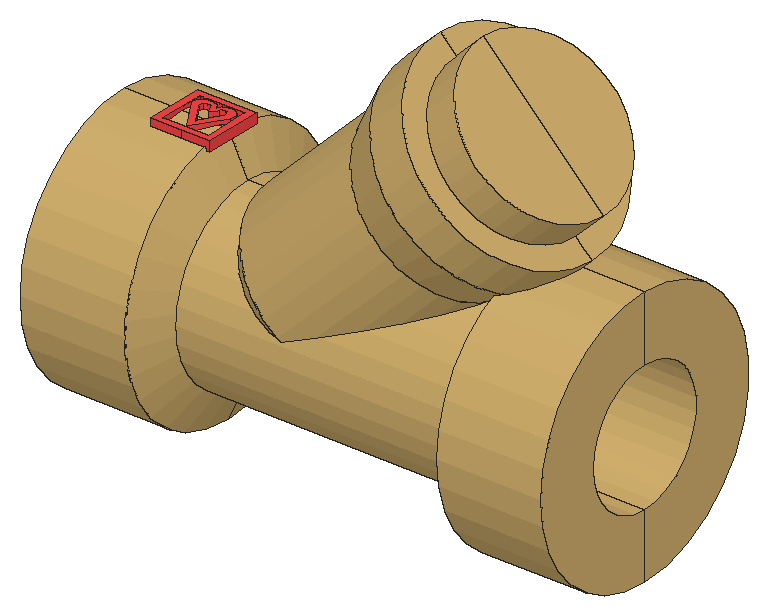
Revit family "Schmutzfänger 2662", category Rohrzubehör, Revit 2019
Family settings
  Bemaßung runder Anschluss = Durchmesser verwenden
  Teiletyp = Unterbricht
  OmniClass-Nummer = 23.65.55.14
  OmniClass-Titel = Valves for Liquid Services
  Arbeitsebenenbasiert = Nein
  Immer vertikal = Ja
  Beim Laden mit Abzugskörper schneiden = Nein
  Gemeinsam genutzt = Nein
Parameters
  min.Betriebstemperatur (Wasser) = 0.5 °C  # constant formula
  min.Betriebstemperatur = -30 °C  # constant formula
  max.Betriebstemperatur (Wasser) = 95 °C  # constant formula
  max.Betriebstemperatur = 130 °C  # constant formula
  max.Betriebsdruck = 2500000.0 Pa  # constant formula
  W01 = 45.00°  # constant formula
  URL = "www.herz-armaturen.at"
  Siebkappe = "geschmiedetes Messing gem. EN 12420, CW617N"  # constant formula
  Sieb = "Streckmetall, Rautenmasche, Edelstahl 1.4301, Maschenweite 0,5mm"  # constant formula
  SW01 [instance] = size_lookup("2662_", "SW1", 12.000 mm, Nennweite)  # 13.000 mm
  SCTWSEQ = "AW;SBT_TYP_AW=\"112\";2"
  SCTWCODE = "04;16;02"  # constant formula
  SCRNSEQ = "AWI;AWI_TYP=\"1011\";2"
  SCRNCODE = "05;15;02"  # constant formula
  S01 [instance] = R01 * 2  # 40.000 mm
  R07 [instance] = size_lookup("2662_", "R7", 13.000 mm, Nennweite)  # 16.500 mm
  R06 [instance] = size_lookup("2662_", "R6", 11.500 mm, Nennweite)  # 14.000 mm
  R05 [instance] = Nennweite / 2  # 10.000 mm
  R03 [instance] = size_lookup("2662_", "R3", 11.500 mm, Nennweite)  # 14.000 mm
  R02 [instance] = Nennweite / 2  # 10.000 mm
  R01 [instance] = (Nennweite / 2) + 10.000 mm  # 20.000 mm
  Nennweite [instance] = 20.000 mm
  Medium = "Heizungswasserqualität nach ÖNORM H 5195 oder VDI-Richtline 2035. Die Verwendung von Ethylen- oder\r\nPropylenglykol in einem Mischungsverhältnis 25 - 50% ist zulässig. Bitte beachten Sie die Hersteller- Dokumentation,\r\nwenn Glykol-Produkte für Frost- und Korrosionsschutz zum Einsatz kommen. EPDM-Dichtungen können durch\r\nMineralöle und Schmiermittel beschädigt werden und somit kann es zum Versagen der EPDM-Dichtungen führen.\r\nHERZ Kugelhähne sind nicht für den Einsatz von agressiven Medien (wie Säuren, Laugen, brennbaren und explosiven\r\nGase) geeignet, da die Dichtelemente beschädigt werden können."
  L16 [instance] = L03 / 2  # 7.750 mm
  L15 [instance] = R01 - 1.000 mm  # 19.000 mm
  L14 [instance] = L06 - L08  # 8.000 mm
  L11 [instance] = size_lookup("2662_", "L11", 4.500 mm, Nennweite)  # 6.000 mm
  L09 [instance] = size_lookup("2662_", "L9", 9.000 mm, Nennweite)  # 7.000 mm
  L08 [instance] = size_lookup("2662_", "L8", 23.500 mm, Nennweite)  # 32.000 mm
  L07 [instance] = size_lookup("2662_", "L7", 11.000 mm, Nennweite)  # 13.000 mm
  L06 [instance] = size_lookup("2662_", "L6", 36.500 mm, Nennweite) - L09  # 40.000 mm
  L03 [instance] = size_lookup("2662_", "L3", 15.000 mm, Nennweite)  # 15.500 mm
  L02 [instance] = size_lookup("2662_", "L2", 14.000 mm, Nennweite)  # 21.000 mm
  L01 [instance] = size_lookup("2662_", "L1", 17.000 mm, Nennweite)  # 16.000 mm
  L00 [instance] = size_lookup("2662_", "L", 68.000 mm, Nennweite)  # 80.000 mm
  Innengewinde = "gem. ISO 228-1"  # constant formula
  Hersteller = "Herz-Armaturen GmbH"  # constant formula
  Gehäuse (DN50) = "Messingguss gem. EN 1982; CC770S"  # constant formula
  Gehäuse (DN15-DN40) = "geschmiedetes Messing gem. EN 12420, CW617N"  # constant formula
  Dichtungen = "EPDM"  # constant formula
  Bestellnummer [instance] = size_lookup("2662_", "Artnr", 0, Nennweite)  # 1266202
  Anwendungsgebiet = "Die Schmutzfänger werden in Rohrleitungen eingebaut, um schädliche Fremdkörper von den feinst bearbeiteten\r\nVentilsitzen fernzuhalten. Anwendungsgebiete sind haustechnische Anlagen, wie z.B. Heizungs- oder\r\nKaltwasseranlagen für die Klimatisierung von Gebäuden. Aromatische Chlorkohlenwasserstoffe, welche in Erdgas,\r\nErdölen und Schmiermitteln vorkommen, zerstören die EPDM- Dichtungen."
Reference planes
  plane 1 "Mitte (Vorne/hinten)": y = 0
  plane 2: z = 0
  plane 3 "Mitte (Links/rechts)": x = 0
Forms (mm)
  Revolve 1, solid, material "Messing", detail levels fine
    sketch origin (470, 0, 0) x (1, 0, 0) y (0, 0, 1)
      loop
        line (-510, 10) -> (-494.5, 10) -> (-494.5, 0) -> (-445.5, 0) -> (-445.5, 10) -> (-430, 10) -> (-430, 20) -> (-446, 20) -> (-449, 14) -> (-491, 14) -> (-494, 20) -> (-510, 20) -> (-510, 10)
      axis (-510, 0) -> (-430, 0)
    angle from 0 to 360
  Revolve 2, solid, material "Messing", detail levels fine
    sketch origin (0.32, 0, -0.105) x (1, 0, 0) y (0, 0, 1)
      loop
        line (-13.32, 0) -> (24.157, 37.477) -> (14.964, 46.669) -> (10.722, 42.426) -> (8.247, 44.901) -> (3.297, 39.952) -> (-0.592, 32.527) -> (-17.563, 15.556) -> (-20.391, 7.071) -> (-13.32, 0)
      axis (-13.32, 0) -> (24.157, 37.477)
    angle from 0 to 360
Lines and regions (mm)
  model lines, detail levels coarse+medium
    curve 1: line (-40, 0, 20) -> (40, 0, 20)
    curve 2: line (-40, 0, -20) -> (-40, 0, 20)
    curve 3: line (40, 0, -20) -> (-40, 0, -20)
    curve 4: line (40, 0, 20) -> (40, 0, -20)
    curve 6: line (-40, 20, 0) -> (40, 20, 0)
    curve 7: line (-40, -20, 0) -> (-40, 20, 0)
    curve 8: line (40, -20, 0) -> (-40, -20, 0)
    curve 9: line (40, 20, 0) -> (40, -20, 0)
    curve 10: line (40, -20, 0) -> (-40, 20, 0)
  symbolic lines, style "PipeAccessory"
    curve 5: line (40, 0, -20) -> (-40, 0, 20)
Dimensions and locks
  "L00": Revolve 1 sketch curve to Revolve 1 sketch curve
  equal spacing: Revolve 1 sketch curve, plane 3 "Mitte (Links/rechts)", Revolve 1 sketch curve
  "R01": Revolve 1 sketch curve to Revolve 1 sketch curve  (x2)
  "R02": Revolve 1 sketch curve to Revolve 1 sketch curve  (x2)
  "L01": Revolve 1 sketch curve to Revolve 1 sketch curve  (x2)
  "L02": plane 3 "Mitte (Links/rechts)" to Revolve 1 sketch curve
  "L02": Revolve 1 sketch curve to plane 3 "Mitte (Links/rechts)"
  "R03": Revolve 1 sketch curve to Revolve 1 sketch curve
  "L03": Revolve 1 sketch curve to Revolve 1 sketch curve  (x2)
  "L11": Revolve 2 sketch curve to Revolve 2 sketch curve
  "L07": plane 3 "Mitte (Links/rechts)" to Revolve 2 sketch curve  (x2)
  "R05": Revolve 2 sketch curve to Revolve 2 sketch curve
  "L06": Revolve 2 sketch curve to Revolve 2 sketch curve
  "L08": Revolve 2 sketch curve to Revolve 2 sketch curve
  "R06": Revolve 2 sketch curve to Revolve 2 sketch curve
  "L14": Revolve 2 sketch curve to Revolve 2 sketch curve
  "L15": nested 1 to plane 2
  "L16": Revolve 1 to nested 1
  equal spacing: curve 7, plane 3 "Mitte (Links/rechts)", curve 9
  "L00": curve 7 to curve 9
  "S01": curve 6 to curve 8
  equal spacing: curve 4, plane 3 "Mitte (Links/rechts)", curve 2
  "L00": curve 4 to curve 2
  equal spacing: curve 1, plane 2, curve 3
  "S01": curve 1 to curve 3
  equal spacing: curve 8, plane 1 "Mitte (Vorne/hinten)", curve 6
  "L09": Revolve 2 sketch curve to Revolve 2 sketch curve
  "R07": Revolve 2 sketch curve to Revolve 2 sketch curve
  "SW01": Revolve 2 sketch curve to Revolve 2 sketch curve
  "W01": angle plane 2 to Revolve 2 sketch curve
  "W01": angle level to Revolve 2 sketch curve
  aligned and locked: level to plane 2
Automatic sketch dimensions
  Revolve 1 sketch curve to level = 0.000 mm  (x2)
  Revolve 1 sketch curve to Revolve 1 sketch curve = 791.990 mm
  Revolve 1 sketch curve to Revolve 1 sketch curve = 2278.983 mm
  Revolve 2 sketch curve to level = 0.105 mm
  Revolve 2 sketch curve to Revolve 2 sketch curve = 0.000 mm
Nested families
  nested 1: "Herz-Logo" at (-27.732, 0, 19), type "Herz-Logo", detail levels fine
Connectors
  piping at (-24.5, 0, 0), diameter 20, driven by "Nennweite"
    settings: on Revolve 1, index 1, connector inside diameter 609.6 mm, connector length 0.000 mm, flow factor 0, pipe flow 0.0 L/s, pressure drop 0.0 Pa, fitting loss kfactor 0, connector angle 0.00°, fixture units 0, engagement length 0.000 mm, angle of deflection 0.00°, flow configuration 0, flow direction 1, fitting loss method 0, system type 29, joint type 0, gender type 0, connector reference index -1, connector utility 0, adjustable connector no, is connector primary yes, connector description ""
  piping at (24.5, 0, 0), diameter 20, driven by "Nennweite"
    settings: on Revolve 1, index 2, connector inside diameter 609.6 mm, connector length 0.000 mm, flow factor 0, pipe flow 0.0 L/s, pressure drop 0.0 Pa, fitting loss kfactor 0, connector angle 0.00°, fixture units 0, engagement length 0.000 mm, angle of deflection 0.00°, flow configuration 0, flow direction 2, fitting loss method 0, system type 29, joint type 0, gender type 0, connector reference index -1, connector utility 0, adjustable connector no, is connector primary no, connector description ""
Definition of nested family "Herz-Logo"
  Reference planes
    plane 1 "Mitte (Vorne/hinten)": y = 0
    plane 2: z = 0
    plane 3 "Mitte (Links/rechts)": x = 0
  Forms (mm)
    Extrusion 1, solid
      sketch origin (0, 0, 0) x (1, 0, 0) y (0, 1, 0)
        loop
          line (-0.018, -4.517) -> (4.482, -4.517) -> (4.482, 4.483) -> (-4.518, 4.483) -> (-4.518, -4.517) -> (-0.018, -4.517)
        loop
          line (-0.05, -3.48) -> (3.482, -3.48) -> (3.482, 3.483) -> (-3.518, 3.483) -> (-3.518, -3.48) -> (-0.05, -3.48)
        loop
          arc (-0.018, 2.383) -> (-1.543, 3.287) -> (-3.067, 2.383) r 1.738
          arc (-3.067, 2.383) -> (-3.191, 1.899) -> (-3.067, 1.415) r 1.009
          line (-3.067, 1.415) -> (-0.018, -3.281) -> (3.032, 1.415)
          arc (3.032, 1.415) -> (3.156, 1.899) -> (3.032, 2.383) r 1.009
          arc (3.032, 2.383) -> (1.507, 3.287) -> (-0.018, 2.383) r 1.738
        loop
          arc (1.885, 1.272) -> (2.005, 1.675) -> (1.885, 2.079) r 0.74
          arc (1.885, 2.079) -> (1.265, 2.416) -> (0.644, 2.079) r 0.74
          line (0.644, 2.079) -> (-0.018, 0.97) -> (-0.679, 2.079)
          arc (-0.679, 2.079) -> (-1.3, 2.416) -> (-1.921, 2.079) r 0.74
          arc (-1.921, 2.079) -> (-2.04, 1.675) -> (-1.921, 1.272) r 0.74
          line (-1.921, 1.272) -> (-0.018, -1.658) -> (1.885, 1.272)
      from 0 to 1.5
  Dimensions and locks
    aligned and locked: level to plane 2
